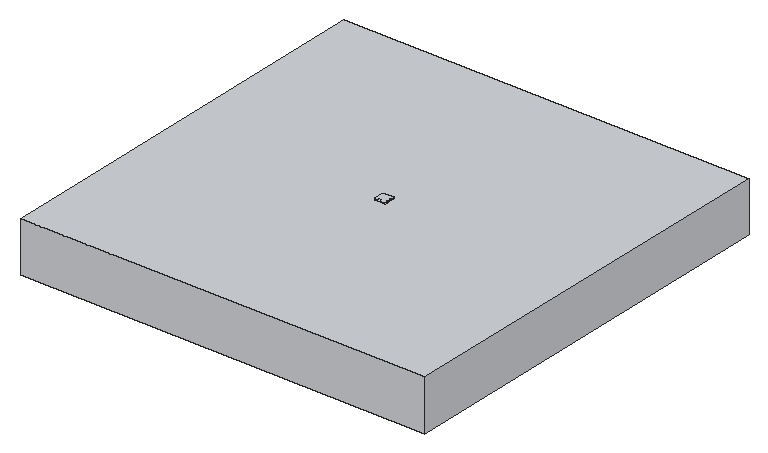
Revit family "Gira_010200", category Allgemeines Modell, Revit 2017
Family settings
  Basisbauteil = Fläche
  Kann Basisbauteil für Bewehrung sein = Nein
  Bemaßung runder Anschluss = Durchmesser verwenden
  Teiletyp = Normal
  Beim Laden mit Abzugskörper schneiden = Nein
  Gemeinsam genutzt = Nein
  Raumberechnungspunkt = Nein
Parameters
  With mounting plate = no
  With memory function = no
  With label area = no
  With glass breaking detector connection = no
  With brightness sensor connection = no
  With N-busbar = no
  With LED indication = no
  With Astro program = no
  Wiring system = "2-pole switch"
  Washing machine switch = no
  Default Elevation = 1219.2 mm
  URL = "https://www.gira.de/"
  Typname = "Rocker sw. CB 2-p Insert"
  Type of load = "Universal"
  Type of lighting = "Not included"
  Type of fastening = "Mounting with claw and screw"
  Transparent = no
  Through loss at 860 MHz [B] = 0.1
  Through loss at 2150 MHz [B] = 0.1
  Temperature [Kelvin] = "[5:45]"
  Switch-off protection = no
  Surface protection = "Other"
  Surface finishing = "Not applicable"
  Suitable for wire wound low voltage transformer = yes
  Suitable for wind sensor = no
  Suitable for staircase time switch = no
  Suitable for rain sensor = no
  Suitable for fluorescent tube/energy-saving lamp = yes
  Suitable for electronic low voltage transformer = yes
  Suitable for degree of protection (IP) = "IP20"
  Suitable for 230 V incandescent lamp/halogen lamp = yes
  Substation input = yes
  Shielded housing = no
  Shielded buses = yes
  Serial dimmer = no
  Separate strain relief = yes
  Rated current = 10 A
  Random generator = no
  Push button switch = no
  Productwebsite = "http://katalog.gira.de/en/datenblatt.html?artikelnr=010200"
  Output voltage [Volt] = 5
  Other bus systems = "None"
  Operating voltage [Volt] = "[110:240]"
  Only suitable as substation = no
  Number of rockers = 1
  Number of outputs = 2
  Number of modules (module system) = 1
  Nominal voltage [Volt] 3 = "[230:230]"
  Nominal voltage [Volt] 2 = "[230:230]"
  Nominal voltage [Volt] = 250
  Mounting method shielding connection = "Screw"
  Mounting method = "Flush mounted (plaster)"
  Model = "Bus"
  Min. depth of built-in installation box [m] = 0.024
  Method of operation = "Rocker/button"
  Mechanical coding = no
  Max. switching power [Voltampere] = 1000
  Max. output current = 1.4 A
  Material quality = "Other"
  Material = "Other"
  Light value memory = no
  Label space/information surface 4 = "No"
  Integrated timer = no
  Input for substation = no
  Illumination = "Optional"
  Hersteller = "Gira"
  Halogen free = no
  HAN = "010200"
  GTIN = "4010337102007"
  Function lighting = "Control and orientation"
  Frequency [Hz] = "[50:60]"
  Forced switch off = no
  Feedback-signal contact = no
  Dimming phase cut-on = yes
  Dimming phase cut-off = yes
  Degree of protection (IP) = "IP20"
  Data sheet = "https://katalog.gira.de/en/download.html?artikelnr=010200"
  Connection type = "Plug clamp"
  Colour = "Other"
  Category = "Other"
  Bus system radio frequent = no
  Bus system Powernet = no
  Bus system LON = no
  Bus system KNX radio = no
  Bus system KNX = yes
  Bus connection included = yes
  Beschreibung = "Rock.sw.CB 2-p Ins.,Rocker switch insert 10 AX 250 V~,,Circuit breaker, 2-pole,Notes :,- Can also be connected with illumination."
  BIM = "https://media.stage.bim.site/public/gira/290f3eb/Einsatz_1fach.rfa"
  Assembly arrangement = "Basic element"
  Applicable with transmission button = no
  Applicable with time switch/timer = no
  Applicable with presence indicator = yes
  Applicable with movement sensor = yes
  Applicable with infrared button = no
  Applicable with button = yes
  App control via Bluetooth = no
Reference planes
  plane 1 "Center (Front/Back)": y = 0
  plane 2: z = 0
  plane 3 "Center (Left/Right)": x = 0
Forms (mm)
  Extrusion 1, solid
    sketch origin (0, 0, 0) x (1, 0, 0) y (0, 1, 0)
      loop
        line (-1219.2, 1219.2) -> (-1219.2, -1219.2) -> (1219.2, -1219.2) -> (1219.2, 1219.2) -> (-1219.2, 1219.2)
    from 0 to -304.8
  Extrusion 2, solid, detail levels fine
    sketch origin (0, 0, 0) x (1, 0, 0) y (0, 1, 0)
      loop
        line (27.475, 35.475) -> (-27.475, 35.475)
        arc (-27.475, 35.475) -> (-33.132, 33.132) -> (-35.475, 27.475) r 8
        line (-35.475, 27.475) -> (-35.475, -27.475)
        arc (-35.475, -27.475) -> (-33.132, -33.132) -> (-27.475, -35.475) r 8
        line (-27.475, -35.475) -> (27.475, -35.475)
        arc (27.475, -35.475) -> (33.132, -33.132) -> (35.475, -27.475) r 8
        line (35.475, -27.475) -> (35.475, 27.475)
        arc (35.475, 27.475) -> (33.132, 33.132) -> (27.475, 35.475) r 8
    from 0 to 1.8
  Extrusion 3, solid, detail levels fine
    sketch origin (0, 0, 0) x (1, 0, 0) y (0, 1, 0)
      loop
        line (9.678, 25.4) -> (-9.678, 25.4)
        arc (-9.678, 25.4) -> (-12.885, 24.922) -> (-15.814, 23.53) r 11
        arc (-15.814, 23.53) -> (-17.795, 22.07) -> (-19.641, 20.444) r 28.35
        arc (-19.641, 20.444) -> (-21.339, 18.665) -> (-22.876, 16.745) r 28.35
        arc (-22.876, 16.745) -> (-24.456, 13.666) -> (-25, 10.248) r 11
        line (-25, 10.248) -> (-25, -10.248)
        arc (-25, -10.248) -> (-24.456, -13.666) -> (-22.876, -16.745) r 11
        arc (-22.876, -16.745) -> (-20.409, -19.677) -> (-17.569, -22.25) r 28.35
        line (-17.569, -22.25) -> (17.569, -22.25)
        arc (17.569, -22.25) -> (20.409, -19.677) -> (22.876, -16.745) r 28.35
        arc (22.876, -16.745) -> (24.456, -13.666) -> (25, -10.248) r 11
        line (25, -10.248) -> (25, 10.248)
        arc (25, 10.248) -> (24.456, 13.666) -> (22.876, 16.745) r 11
        arc (22.876, 16.745) -> (21.593, 18.37) -> (20.195, 19.897) r 28.35
        arc (20.195, 19.897) -> (18.096, 21.823) -> (15.814, 23.53) r 28.35
        arc (15.814, 23.53) -> (12.885, 24.922) -> (9.678, 25.4) r 11
    from 0 to -22
  Extrusion 4, solid, detail levels medium
    sketch origin (0, 0, 0) x (1, 0, 0) y (0, 1, 0)
      loop
        line (-25, 25.4) -> (-25, -22.25) -> (25, -22.25) -> (25, 25.4) -> (-25, 25.4)
    from 0 to -22
  Extrusion 5, solid, detail levels coarse
    sketch origin (0, 0, 0) x (1, 0, 0) y (0, 1, 0)
      loop
        line (35.475, 35.475) -> (-35.475, 35.475) -> (-35.475, -35.475) -> (35.475, -35.475) -> (35.475, 35.475)
    from -22 to 1.8
  Extrusion 6, solid, detail levels medium
    sketch origin (0, 0, 0) x (1, 0, 0) y (0, 1, 0)
      loop
        line (35.475, 35.475) -> (-35.475, 35.475) -> (-35.475, -35.475) -> (35.475, -35.475) -> (35.475, 35.475)
    from 0 to 1.8
Dimensions and locks
  aligned and locked: plane 2 to Extrusion 1
  aligned and locked: level to Extrusion 1
Connectors
  electrical at (0, 0, -22)
    settings: on Extrusion 5, index 1, voltage 220 V, apparent load 0 VA, apparent load phase1 0 VA, apparent load phase2 0 VA, apparent load phase3 0 VA, power factor 1, load classification "Other", number of poles 1, system type 30, power factor state 1, is connector primary yes, connector utility no, sub classification motor no, connector description ""
